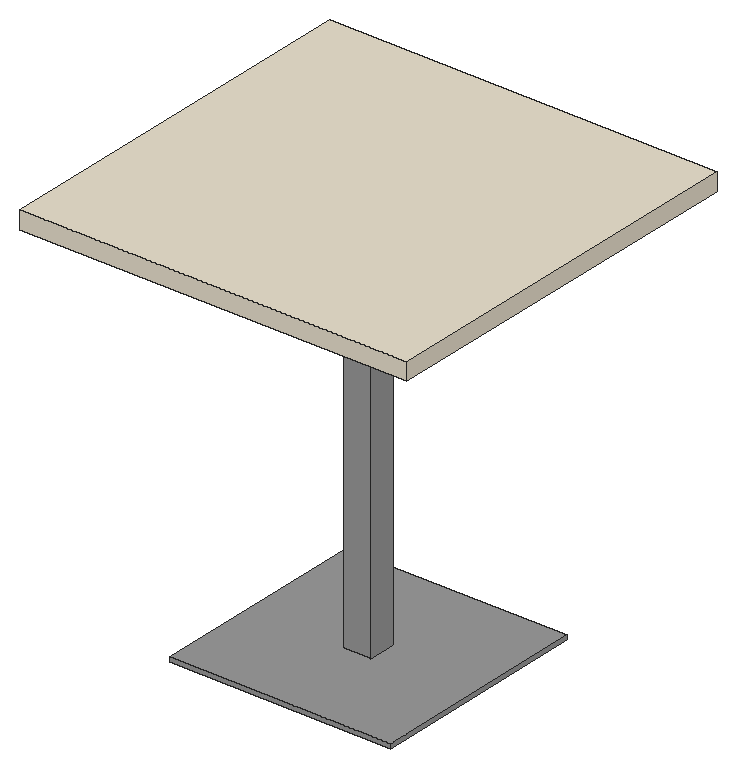
Revit family "FU_Table_Sandler_595Q-XT", category Furniture, Revit 2020
Family settings
  OmniClass Number = 23.40.20.00
  OmniClass Title = General Furniture and Specialties
  Work Plane-Based = No
  Always vertical = Yes
  Cut with Voids When Loaded = No
  Shared = No
  Room Calculation Point = No
Parameters (values of type "595Q XT - 28" Square (70cm)")
  Width = 400 mm
  URL = "https://www.sandlerseating.com/product/art-595q-xt/"
  Top Size = FU_TableTops_MT Sqr : 28" Square (70cm)
  Top Elevation = Height  # 720 mm
  Top Finish [instance] = Wood - Beech - Grey Stained
  Model = "595Q XT"
  Manufacturer = "Sandler"
  Height = 720 mm
  Frame Finish [instance] = Metal - Steel - Matt-Satin
  Description = "Table base in stainless steel."
  Depth = Width  # 400 mm
  Default Elevation = 0 mm
Types (5, lengths in mm): name | Top Size
  (no name) | FU_TableTops_MT Sqr : 28" Square (70cm)
  595Q XT - 24" Round (60cm) | FU_TableTops_MT Rnd : 24" Round (60cm)
  595Q XT - 28" Round (70cm) | FU_TableTops_MT Rnd : 28" Round (70cm)
  595Q XT - 24" Square (60cm) | FU_TableTops_MT Sqr : 24" Square (60cm)
  595Q XT - 28" Square (70cm) | FU_TableTops_MT Sqr : 28" Square (70cm)
Reference planes
  plane 1 "Center (Front/Back)": y = 0
  plane 2: z = 0
  plane 3 "Center (Left/Right)": x = 0
  plane 4 "Right": x = -200
  plane 5 "Left": x = 200
  plane 6 "Back": y = 200
  plane 7 "Front": y = -200
  plane 8 "Height": z = 720
  plane 9 "Top Support": z = 700
  plane 10 "Glide Height": z = 6
  plane 11 "Base height": z = 14
  plane 12 "R Pad C": x = -184
  plane 13 "B Pad C": y = 184
  plane 14 "L Pad C": x = 184
  plane 15 "F Pad C": y = -184
Forms (mm)
  Extrusion 1, solid, material "Metal - Steel - Matt-Satin" <- "Frame Finish"
    sketch origin (0, 0, 6) x (-1, 0, 0) y (0, -1, 0)
      loop
        line (200, -200) -> (200, 200) -> (-200, 200) -> (-200, -200) -> (200, -200)
    from 0 to 8
  Revolve 2, solid, material "Rubber, Black"
    sketch origin (0, 0, 0) x (1, 0, 0) y (0, 0, 1)
      loop
        line (-184, 0) -> (-184, 6) -> (-192, 6) -> (-192, 2)
        arc (-192, 2) -> (-191.414, 0.586) -> (-190, 0) r 2
        line (-190, 0) -> (-184, 0)
      axis (-184, 6) -> (-184, 0)
    angle from 0 to 360
  Revolve 3, solid, material "Rubber, Black"
    sketch origin (0, 0, 0) x (-1, 0, 0) y (0, 0, 1)
      loop
        line (-184, 0) -> (-184, 6) -> (-192, 6) -> (-192, 2)
        arc (-192, 2) -> (-191.414, 0.586) -> (-190, 0) r 2
        line (-190, 0) -> (-184, 0)
      axis (-184, 6) -> (-184, 0)
    angle from 0 to 360
  Revolve 4, solid, material "Rubber, Black"
    sketch origin (0, 0, 0) x (0, 1, 0) y (0, 0, 1)
      loop
        line (-184, 6) -> (-192, 6) -> (-192, 2)
        arc (-192, 2) -> (-191.414, 0.586) -> (-190, 0) r 2
        line (-190, 0) -> (-184, 0) -> (-184, 6)
      axis (-184, 6) -> (-184, 0)
    angle from 0 to 360
  Revolve 5, solid, material "Rubber, Black"
    sketch origin (0, 0, 0) x (0, -1, 0) y (0, 0, 1)
      loop
        line (-184, 6) -> (-192, 6) -> (-192, 2)
        arc (-192, 2) -> (-191.414, 0.586) -> (-190, 0) r 2
        line (-190, 0) -> (-184, 0) -> (-184, 6)
      axis (-184, 6) -> (-184, 0)
    angle from 0 to 360
  Extrusion 6, solid, material "Metal - Steel - Matt-Satin" <- "Frame Finish"
    sketch origin (0, 0, 6) x (-1, 0, 0) y (0, -1, 0)
      loop
        line (25, -25) -> (25, 25) -> (-25, 25) -> (-25, -25) -> (25, -25)
    from 0 to 694
Dimensions and locks
  equal spacing: plane 4 "Right", plane 3 "Center (Left/Right)", plane 5 "Left"
  "Width": plane 4 "Right" to plane 5 "Left"
  equal spacing: plane 6 "Back", plane 1 "Center (Front/Back)", plane 7 "Front"
  "Depth": plane 6 "Back" to plane 7 "Front"
  "Height": plane 8 "Height" to level
  locked: plane 8 "Height" to plane 9 "Top Support" at 20
  locked: plane 4 "Right" to plane 12 "R Pad C" at 16
  plane 14 "L Pad C" to plane 5 "Left" = 16 mm
  locked: plane 6 "Back" to plane 13 "B Pad C" at 16
  locked: plane 15 "F Pad C" to plane 7 "Front" at 16
  aligned and locked: level to plane 2
  aligned and locked: plane 11 "Base height" to Extrusion 1
  aligned and locked: Extrusion 1 to plane 11 "Base height"  (x3)
  aligned and locked: plane 8 "Height" to nested 1
  aligned and locked: Extrusion 6 to plane 10 "Glide Height"
  aligned and locked: plane 9 "Top Support" to Extrusion 6
  aligned and locked: Extrusion 1 sketch curve to plane 6 "Back"
  aligned and locked: Extrusion 1 sketch curve to plane 4 "Right"
  aligned and locked: plane 7 "Front" to Extrusion 1 sketch curve
  aligned and locked: plane 5 "Left" to Extrusion 1 sketch curve
Automatic sketch dimensions
  Revolve 2 sketch curve to plane 10 "Glide Height" = 0 mm
  Revolve 2 sketch curve to level = 0 mm
  plane 12 "R Pad C" to Revolve 2 sketch curve = 0 mm  (x2)
  Revolve 2 sketch curve to Revolve 2 sketch curve = 6 mm
  Revolve 2 sketch curve to Revolve 2 sketch curve = 2 mm
  Revolve 2 sketch curve to level = 10.049 mm
  Revolve 2 sketch curve to plane 11 "Base height" = 2.095 mm
  Revolve 3 sketch curve to plane 10 "Glide Height" = 0 mm
  Revolve 3 sketch curve to level = 0 mm
  Revolve 3 sketch curve to plane 14 "L Pad C" = 0 mm  (x2)
  Revolve 3 sketch curve to Revolve 3 sketch curve = 6 mm
  Revolve 3 sketch curve to Revolve 3 sketch curve = 2 mm
  level to Revolve 3 sketch curve = 10.049 mm
  plane 11 "Base height" to Revolve 3 sketch curve = 2.095 mm
  Revolve 4 sketch curve to plane 10 "Glide Height" = 0 mm
  Revolve 4 sketch curve to level = 0 mm
  Revolve 4 sketch curve to plane 15 "F Pad C" = 0 mm  (x2)
  level to Revolve 4 sketch curve = 2 mm
  plane 15 "F Pad C" to Revolve 4 sketch curve = 6 mm
  Revolve 4 sketch curve to level = 5.787 mm
  Revolve 4 sketch curve to plane 11 "Base height" = 1.201 mm
  Revolve 5 sketch curve to plane 10 "Glide Height" = 0 mm
  Revolve 5 sketch curve to level = 0 mm
  Revolve 5 sketch curve to plane 13 "B Pad C" = 0 mm  (x2)
  Revolve 5 sketch curve to level = 2 mm
  Revolve 5 sketch curve to plane 13 "B Pad C" = 6 mm
  Revolve 5 sketch curve to Revolve 5 sketch curve = 5.787 mm
  plane 11 "Base height" to Revolve 5 sketch curve = 1.201 mm
  plane 1 "Center (Front/Back)" to Extrusion 6 sketch curve = 25 mm
  Extrusion 6 sketch curve to plane 3 "Center (Left/Right)" = 25 mm
  Extrusion 6 sketch curve to plane 1 "Center (Front/Back)" = 25 mm
  plane 3 "Center (Left/Right)" to Extrusion 6 sketch curve = 25 mm
Nested families
  nested 1: "MT Top Support" at (0, 0, 0), Frame Finish <- "Frame Finish", type "MT Top Support"
    with Frame Finish Metal - Steel - Matt-Satin
  nested 2: "FU_TableTops_MT Sqr" at (0, 0, 0), type <- "Top Size", Top Finish <- "Top Finish", Top Elevation <- "Top Elevation", type "28" Square (70cm)"
    with Top Finish Wood - Beech - Grey Stained, Top Elevation 720 mm
Definition of nested family "MT Top Support"
  Parameters (values of type "MT Top Support")
    Frame Finish [instance] = none
    Default Elevation = 0 mm
  Reference planes
    plane 1 "Center (Front/Back)": y = 0
    plane 2: z = 0
    plane 3 "Center (Left/Right)": x = 0
    plane 4 "Right": x = -210
    plane 5 "Left": x = 210
    plane 6 "Back": y = 210
    plane 7 "Front": y = -210
    plane 8 "Height": z = 720
    plane 9: z = 700
  Forms (mm)
    Extrusion 1, solid, material <- "Frame Finish"
      sketch origin (0, 0, 700) x (-1, 0, 0) y (0, -1, 0)
        loop
          line (48, 44.024) -> (119.736, 115.76)
          arc (119.736, 115.76) -> (116.918, 118.6) -> (114.032, 121.37) r 166.741
          line (114.032, 121.37) -> (40.38, 47.718) -> (-40.38, 47.718) -> (-114.032, 121.37)
          arc (-114.032, 121.37) -> (-116.918, 118.6) -> (-119.736, 115.76) r 166.741
          line (-119.736, 115.76) -> (-48, 44.024) -> (-48, -44.024) -> (-120.014, -116.038)
          arc (-120.014, -116.038) -> (-117.202, -118.884) -> (-114.323, -121.661) r 166.741
          line (-114.323, -121.661) -> (-40.944, -48.282) -> (40.944, -48.282) -> (114.323, -121.661)
          arc (114.323, -121.661) -> (117.202, -118.884) -> (120.014, -116.038) r 166.741
          line (120.014, -116.038) -> (48, -44.024) -> (48, 44.024)
      from 0 to 15
    Extrusion 2, solid, material <- "Frame Finish"
      sketch origin (0, 0, 720) x (-1, 0, 0) y (0, -1, 0)
        loop
          arc (48, 9.198) -> (50.194, 20.46) -> (56.455, 30.074) r 30
          line (56.455, 30.074) -> (155.027, 131.809)
          arc (155.027, 131.809) -> (157.282, 137.439) -> (154.939, 143.033) r 8
          line (154.939, 143.033) -> (142.122, 155.85)
          arc (142.122, 155.85) -> (136.465, 158.193) -> (130.808, 155.85) r 8
          line (130.808, 155.85) -> (32.027, 57.069)
          arc (32.027, 57.069) -> (22.294, 50.566) -> (10.814, 48.282) r 30
          line (10.814, 48.282) -> (-10.814, 48.282)
          arc (-10.814, 48.282) -> (-22.294, 50.566) -> (-32.027, 57.069) r 30
          line (-32.027, 57.069) -> (-130.808, 155.85)
          arc (-130.808, 155.85) -> (-136.465, 158.193) -> (-142.122, 155.85) r 8
          line (-142.122, 155.85) -> (-154.939, 143.033)
          arc (-154.939, 143.033) -> (-157.282, 137.439) -> (-155.027, 131.809) r 8
          line (-155.027, 131.809) -> (-56.455, 30.074)
          arc (-56.455, 30.074) -> (-50.194, 20.46) -> (-48, 9.198) r 30
          line (-48, 9.198) -> (-48, -9.198)
          arc (-48, -9.198) -> (-50.194, -20.46) -> (-56.455, -30.074) r 30
          line (-56.455, -30.074) -> (-155.027, -131.809)
          arc (-155.027, -131.809) -> (-157.282, -137.439) -> (-154.939, -143.033) r 8
          line (-154.939, -143.033) -> (-142.122, -155.85)
          arc (-142.122, -155.85) -> (-136.465, -158.193) -> (-130.808, -155.85) r 8
          line (-130.808, -155.85) -> (-32.027, -57.069)
          arc (-32.027, -57.069) -> (-22.294, -50.566) -> (-10.814, -48.282) r 30
          line (-10.814, -48.282) -> (10.814, -48.282)
          arc (10.814, -48.282) -> (22.294, -50.566) -> (32.027, -57.069) r 30
          line (32.027, -57.069) -> (130.808, -155.85)
          arc (130.808, -155.85) -> (136.465, -158.193) -> (142.122, -155.85) r 8
          line (142.122, -155.85) -> (154.939, -143.033)
          arc (154.939, -143.033) -> (157.282, -137.439) -> (155.027, -131.809) r 8
          line (155.027, -131.809) -> (56.455, -30.074)
          arc (56.455, -30.074) -> (50.194, -20.46) -> (48, -9.198) r 30
          line (48, -9.198) -> (48, 9.198)
        loop
          line (-134.399, -141.055) -> (-124.502, -131.158)
          arc (-124.502, -131.158) -> (-124.502, -125.502) -> (-130.158, -125.502) r 3.999
          line (-130.158, -125.502) -> (-140.055, -135.399)
          arc (-140.055, -135.399) -> (-140, -141.001) -> (-134.399, -141.055) r 4
        loop
          arc (134.399, -141.055) -> (140, -141.001) -> (140.055, -135.399) r 4
          line (140.055, -135.399) -> (130.158, -125.502)
          arc (130.158, -125.502) -> (124.502, -125.502) -> (124.502, -131.158) r 3.999
          line (124.502, -131.158) -> (134.399, -141.055)
        loop
          arc (-134.399, 141.055) -> (-140, 141.001) -> (-140.055, 135.399) r 4
          line (-140.055, 135.399) -> (-130.158, 125.502)
          arc (-130.158, 125.502) -> (-124.502, 125.502) -> (-124.502, 131.158) r 3.999
          line (-124.502, 131.158) -> (-134.399, 141.055)
        loop
          line (134.399, 141.055) -> (124.502, 131.158)
          arc (124.502, 131.158) -> (124.502, 125.502) -> (130.158, 125.502) r 3.999
          line (130.158, 125.502) -> (140.055, 135.399)
          arc (140.055, 135.399) -> (140, 141.001) -> (134.399, 141.055) r 4
        loop
          circle (0, 0) r 7.5
      from -10 to 0
  Dimensions and locks
    equal spacing: plane 4 "Right", plane 3 "Center (Left/Right)", plane 5 "Left"
    plane 4 "Right" to plane 5 "Left" = 420 mm
    equal spacing: plane 6 "Back", plane 1 "Center (Front/Back)", plane 7 "Front"
    plane 6 "Back" to plane 7 "Front" = 420 mm
    plane 8 "Height" to level = 720 mm
    locked: plane 8 "Height" to plane 9 at 20
    aligned and locked: level to plane 2
  Automatic sketch dimensions
    plane 1 "Center (Front/Back)" to Extrusion 2 sketch curve = 0 mm
    Extrusion 2 sketch curve to plane 3 "Center (Left/Right)" = 0 mm
    plane 3 "Center (Left/Right)" to Extrusion 2 sketch curve = 10.814 mm  (x2)
    Extrusion 2 sketch curve to Extrusion 2 sketch curve = 21.213 mm  (x4)
    plane 1 "Center (Front/Back)" to Extrusion 2 sketch curve = 9.198 mm  (x2)
    plane 3 "Center (Left/Right)" to Extrusion 2 sketch curve = 48 mm
    Extrusion 2 sketch curve to plane 1 "Center (Front/Back)" = 30.074 mm  (x2)
    Extrusion 2 sketch curve to Extrusion 2 sketch curve = 8.455 mm  (x4)
    plane 1 "Center (Front/Back)" to Extrusion 2 sketch curve = 30.074 mm  (x2)
    Extrusion 2 sketch curve to plane 1 "Center (Front/Back)" = 9.198 mm  (x2)
    plane 5 "Left" to Extrusion 2 sketch curve = 85.498 mm  (x2)
    Extrusion 2 sketch curve to Extrusion 2 sketch curve = 2.828 mm  (x12)
    Extrusion 2 sketch curve to Extrusion 2 sketch curve = 6.306 mm  (x4)
    Extrusion 2 sketch curve to Extrusion 2 sketch curve = 9.897 mm  (x8)
    Extrusion 2 sketch curve to Extrusion 2 sketch curve = 5.657 mm  (x16)
    Extrusion 2 sketch curve to Extrusion 2 sketch curve = 2.773 mm  (x8)
    Extrusion 2 sketch curve to Extrusion 2 sketch curve = 2.883 mm  (x4)
    Extrusion 2 sketch curve to Extrusion 2 sketch curve = 9.227 mm  (x4)
    Extrusion 2 sketch curve to Extrusion 2 sketch curve = 5.745 mm  (x4)
    Extrusion 2 sketch curve to plane 3 "Center (Left/Right)" = 10.814 mm  (x2)
    Extrusion 2 sketch curve to plane 3 "Center (Left/Right)" = 48 mm
    Extrusion 2 sketch curve to plane 1 "Center (Front/Back)" = 48.282 mm
    Extrusion 2 sketch curve to Extrusion 2 sketch curve = 8.787 mm  (x4)
    Extrusion 2 sketch curve to plane 6 "Back" = 84.498 mm  (x2)
    Extrusion 2 sketch curve to Extrusion 2 sketch curve = 6.307 mm  (x4)
    Extrusion 2 sketch curve to Extrusion 2 sketch curve = 5.567 mm  (x4)
    Extrusion 2 sketch curve to Extrusion 2 sketch curve = 9.138 mm  (x4)
    plane 1 "Center (Front/Back)" to Extrusion 2 sketch curve = 48.282 mm
    plane 7 "Front" to Extrusion 2 sketch curve = 84.498 mm  (x2)
    Extrusion 1 sketch curve to Extrusion 1 sketch curve = 0 mm  (x12)
    Extrusion 1 sketch curve to plane 3 "Center (Left/Right)" = 0 mm
    plane 3 "Center (Left/Right)" to Extrusion 1 sketch curve = 40.38 mm
    plane 3 "Center (Left/Right)" to Extrusion 1 sketch curve = 40.944 mm
    Extrusion 1 sketch curve to Extrusion 1 sketch curve = 7.056 mm  (x2)
    plane 5 "Left" to Extrusion 1 sketch curve = 95.968 mm
    plane 5 "Left" to Extrusion 1 sketch curve = 95.677 mm
    Extrusion 1 sketch curve to Extrusion 1 sketch curve = 5.704 mm  (x2)
    Extrusion 1 sketch curve to Extrusion 1 sketch curve = 5.691 mm  (x2)
    Extrusion 1 sketch curve to plane 3 "Center (Left/Right)" = 40.38 mm
    Extrusion 1 sketch curve to plane 3 "Center (Left/Right)" = 40.944 mm
    Extrusion 1 sketch curve to plane 6 "Back" = 88.339 mm  (x2)
    Extrusion 1 sketch curve to Extrusion 1 sketch curve = 5.623 mm
    Extrusion 1 sketch curve to plane 1 "Center (Front/Back)" = 48.282 mm
    Extrusion 1 sketch curve to Extrusion 1 sketch curve = 4.258 mm  (x2)
    plane 1 "Center (Front/Back)" to Extrusion 1 sketch curve = 44.024 mm  (x2)
    Extrusion 1 sketch curve to Extrusion 1 sketch curve = 3.693 mm
    plane 7 "Front" to Extrusion 1 sketch curve = 94.24 mm  (x2)
    Extrusion 1 sketch curve to plane 4 "Right" = 95.968 mm
    Extrusion 1 sketch curve to plane 4 "Right" = 95.677 mm
    Extrusion 2 sketch curve to plane 4 "Right" = 85.498 mm  (x2)
    radius of Extrusion 2 sketch curve = 7.5 mm
Definition of nested family "FU_TableTops_MT Sqr"
  Parameters (values of type "24x48" Top (60x120cm)")
    Width = 1200 mm
    Top Finish [instance] = none
    Top Elevation [instance] = 1100 mm
    Depth = 600 mm
    Default Elevation = 0 mm
  Types (16, lengths in mm): name | Width | Depth
    28x48" Top (70x120cm) | 1200 | 700
    28x52" Top (70x130cm) | 1300 | 700
    32x48" Top (80x120cm) | 1200 | 800
    32x52" Top (80x130cm) | 1300 | 800
    28x55" Top (70x140cm) | 1400 | 700
    32x55" Top (80x140cm) | 1400 | 800
    24" Square (60cm) | 600 | 600
    28" Square (70cm) | 700 | 700
    32" Square (80cm) | 800 | 800
    36" Square (90cm) | 900 | 900
    40" Square (100cm) | 1000 | 1000
    44" Square (110cm) | 1100 | 1100
    28x44" Top (70x110cm) | 1100 | 700
    24x40" Top (60x100cm) | 1000 | 600
    24x44" Top (60x110cm) | 1100 | 600
    24x48" Top (60x120cm) | 1200 | 600
  Reference planes
    plane 1 "Center (Front/Back)": y = 0
    plane 2: z = 0
    plane 3 "Center (Left/Right)": x = 0
    plane 4 "Right": x = -600
    plane 5 "Left": x = 600
    plane 6 "Back": y = 300
    plane 7 "Front": y = -300
    plane 8 "Elevation": z = 1100
    plane 9 "Top Height": z = 1131.75
  Forms (mm)
    Extrusion 1, solid, material <- "Top Finish"
      sketch origin (0, 0, 1100) x (-1, 0, 0) y (0, -1, 0)
        loop
          line (600, -300) -> (600, 300) -> (-600, 300) -> (-600, -300) -> (600, -300)
      from 0 to 31.75
  Dimensions and locks
    equal spacing: plane 4 "Right", plane 3 "Center (Left/Right)", plane 5 "Left"
    "Width": plane 4 "Right" to plane 5 "Left"
    equal spacing: plane 6 "Back", plane 1 "Center (Front/Back)", plane 7 "Front"
    "Depth": plane 6 "Back" to plane 7 "Front"
    "Top Elevation": plane 8 "Elevation" to level
    locked: plane 9 "Top Height" to plane 8 "Elevation" at 31.75
    aligned and locked: level to plane 2
    aligned and locked: Extrusion 1 sketch curve to plane 6 "Back"
    aligned and locked: Extrusion 1 sketch curve to plane 4 "Right"
    aligned and locked: plane 7 "Front" to Extrusion 1 sketch curve
    aligned and locked: plane 5 "Left" to Extrusion 1 sketch curve
    aligned and locked: Extrusion 1 to plane 8 "Elevation"
    aligned and locked: plane 8 "Elevation" to Extrusion 1  (x2)
    aligned and locked: plane 9 "Top Height" to Extrusion 1
    aligned and locked: Extrusion 1 to plane 9 "Top Height"
